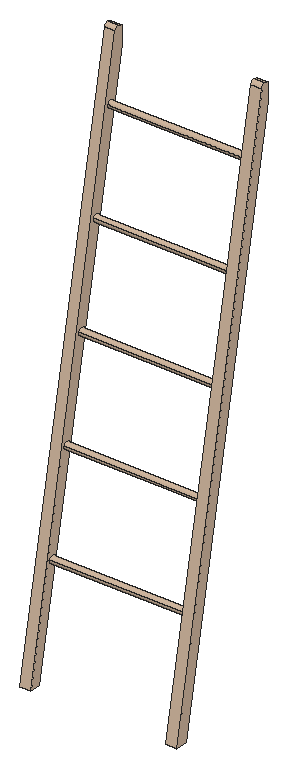
Revit family "Reece_Accessory_Kado_Arc_Towel Ladder", category Plumbing Fixtures, Revit 2018
Family settings
  Round Connector Dimension = Use Diameter
  Part Type = Normal
  Work Plane-Based = Yes
  Always vertical = Yes
  Cut with Voids When Loaded = Yes
  Shared = Yes
  Room Calculation Point = Yes
Parameters
  URL = "https://www.reece.com.au/product/-9509652"
  Type Comments = "Accessory"
  Reece_Product_Web Page = "https://www.reece.com.au/product/-9509652"
  Reece_Product_Type = "Accessory"  # constant formula
  Reece_Product_Sub Brand = "Arc"  # constant formula
  Reece_Product_Number = "9509652"
  Reece_Product_Mount = "Floor Mounted"
  Reece_Product_Description = "Kado Arc Towel Ladder American Solid Oak"
  Reece_Product_Brand = "Kado"  # constant formula
  Reece_Overall_Width = 590 mm  # constant formula
  Reece_Overall_Length = 40 mm  # constant formula
  Reece_Overall_Height = 2100 mm  # constant formula
  Reece_Material_Main = Reece_Oak_American
  Reece_Detail_Disclaimer = "THIS FILE IS THE PROPERTY OF THE REECE GROUP. IT MAY NOT BE REPRODUCED, REVERSE-ENGINEERED OR MODIFIED. ANY REPUBLICATION, TRANSMISSION OR DISTRIBUTION FOR THE PURPOSE OF COMMERCIALLY EXPLOITING THE FILES IS PROHIBITED."  # constant formula
  Model = "Arc"
  Manufacturer = "Kado"
  Keynote = "Product #9509652, Reece_Accessory_Kado_Arc_Towel Ladder -  "
  Disclaimer = "THIS FILE IS THE PROPERTY OF THE REECE GROUP. IT MAY NOT BE REPRODUCED, REVERSE-ENGINEERED OR MODIFIED. ANY REPUBLICATION, TRANSMISSION OR DISTRIBUTION FOR THE PURPOSE OF COMMERCIALLY EXPLOITING THE FILES IS PROHIBITED."  # constant formula
  Description = "Kado Arc Towel Ladder American Solid Oak"
  Default Elevation = 0 mm
Types (2, lengths in mm): name | Keynote
  (no name) | "Product #9509652, Reece_Accessory_Kado_Arc_Towel Ladder -  "
  American Solid Oak | "Product #9509652, Reece_Accessory_Kado_Arc_Towel Ladder - American Solid Oak"
Reference planes
  plane 1 "Back": y = 0
  plane 2 "Bottom Host Plane": z = 0
  plane 3 "Center (Left/Right)": x = 0
  plane 4 "Right": x = 295
  plane 5 "Left": x = -295
  plane 6: through (0, -427.375, 0) normal (0, -0.1908, -0.9816)
  plane 7: through (0, 0, 1989.021) normal (0, -0.9816, 0.1908)
  plane 8: through (0, -427.375, 0) normal (0, 0.9816, -0.1908)
Forms (mm)
  Extrusion 1, solid, material "Reece_Oak_American" <- "Reece_Material_Main"
    sketch origin (0, -181.968, -47.702) x (0, 0.981627, -0.190809) y (0, 0.190809, 0.981627)
      loop
        circle (-230, 412) r 12.5
      loop
        circle (-230, 772) r 12.5
      loop
        circle (-230, 1132) r 12.5
      loop
        circle (-230, 1492) r 12.5
      loop
        circle (-230, 1852) r 12.5
    from -270 to 270
  Extrusion 2, solid, material "Reece_Oak_American" <- "Reece_Material_Main"
    sketch origin (295, 0, 0) x (0, 1, 0) y (0, 0, 1)
      loop
        line (0, 1989.021) -> (0, 2056.232) -> (-11.952, 2058.555)
        arc (-11.952, 2058.555) -> (-23.202, 2056.266) -> (-29.539, 2046.693) r 15
        line (-29.539, 2046.693) -> (-427.375, 0) -> (-386.627, 0) -> (0, 1989.021)
    from 0 to -40
  Extrusion 3, solid, material "Reece_Oak_American" <- "Reece_Material_Main"
    sketch origin (-295, 0, 0) x (0, 1, 0) y (0, 0, 1)
      loop
        line (0, 1989.021) -> (0, 2056.232) -> (-11.952, 2058.555)
        arc (-11.952, 2058.555) -> (-23.202, 2056.266) -> (-29.539, 2046.693) r 15
        line (-29.539, 2046.693) -> (-427.375, 0) -> (-386.627, 0) -> (0, 1989.021)
    from 0 to 40
Cuts and joins
  joined: Extrusion 1, Extrusion 2, Extrusion 3
Lines and regions (mm)
  model lines, style "InvisibleLines"
    curve 1: line (0, 0, 0) -> (0, 0, 10)
Text (mm)
  text "Reece ©" at (2847.978, -2685.981, 2482.853), in view "Reece Preview"
  text "Reece ©" at (390.03, -400.229, -1020.679), in view "Ref. Level"
Dimensions and locks
  plane 2 "Bottom Host Plane" to level = 0 mm
  "Reece_Overall_Width": plane 5 "Left" to plane 4 "Right"
  "Reece_Overall_Length": plane 8 to plane 7
  cut or joined group of Extrusion 1, Extrusion 2, Extrusion 3 to cut or joined group of Extrusion 1, Extrusion 2, Extrusion 3 to cut or joined group of Extrusion 1, Extrusion 2, Extrusion 3 to cut or joined group of Extrusion 1, Extrusion 2, Extrusion 3 = 40 mm, 510 mm, 40 mm
  plane 6 to cut or joined group of Extrusion 1, Extrusion 2, Extrusion 3 to cut or joined group of Extrusion 1, Extrusion 2, Extrusion 3 to cut or joined group of Extrusion 1, Extrusion 2, Extrusion 3 to cut or joined group of Extrusion 1, Extrusion 2, Extrusion 3 to cut or joined group of Extrusion 1, Extrusion 2, Extrusion 3 to cut or joined group of Extrusion 1, Extrusion 2, Extrusion 3 = 412 mm, 360 mm, 360 mm, 360 mm, 360 mm, 248 mm
  "Reece_Overall_Height": plane 6 to cut or joined group of Extrusion 1, Extrusion 2, Extrusion 3
Automatic sketch dimensions
  curve 1 to plane 3 "Center (Left/Right)" = 0 mm
  curve 1 to plane 2 "Bottom Host Plane" = 0 mm
  plane 7 to Extrusion 1 sketch curve = 20 mm  (x5)
  Extrusion 1 sketch curve to plane 6 = 412 mm
  Extrusion 1 sketch curve to Extrusion 1 sketch curve = 360 mm  (x4)
  Extrusion 2 sketch curve to level = 0 mm
  Extrusion 2 sketch curve to plane 6 = 0 mm
  Extrusion 2 sketch curve to plane 7 = 0 mm  (x2)
  plane 8 to Extrusion 2 sketch curve = 0 mm
  Extrusion 2 sketch curve to plane 1 "Back" = 0 mm
  plane 1 "Back" to Extrusion 2 sketch curve = 29.539 mm
  plane 1 "Back" to Extrusion 2 sketch curve = 14.814 mm
  plane 1 "Back" to Extrusion 2 sketch curve = 11.952 mm
  Extrusion 2 sketch curve to Extrusion 2 sketch curve = 2.862 mm
  Extrusion 2 sketch curve to Extrusion 2 sketch curve = 2.323 mm
  Extrusion 3 sketch curve to level = 0 mm
  Extrusion 3 sketch curve to plane 6 = 0 mm
  Extrusion 3 sketch curve to plane 7 = 0 mm  (x2)
  plane 8 to Extrusion 3 sketch curve = 0 mm
  Extrusion 3 sketch curve to plane 1 "Back" = 0 mm
  plane 1 "Back" to Extrusion 3 sketch curve = 29.539 mm
  plane 1 "Back" to Extrusion 3 sketch curve = 14.814 mm
  plane 1 "Back" to Extrusion 3 sketch curve = 11.952 mm
  Extrusion 3 sketch curve to Extrusion 3 sketch curve = 2.862 mm
  Extrusion 3 sketch curve to Extrusion 3 sketch curve = 2.323 mm
  level to curve 1 = 10 mm
  radius of Extrusion 1 sketch curve = 12.5 mm  (x5)
